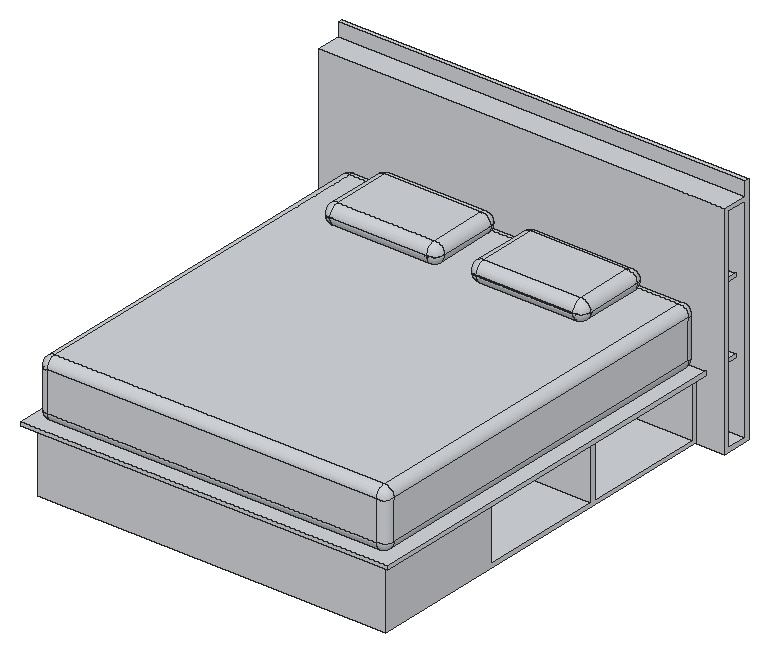
Revit family "DivanStorage", category Furniture, Revit 2022
Family settings
  OmniClass Number = 23.40.20.17.14
  OmniClass Title = Bedroom Furniture, Single Units
  Work Plane-Based = No
  Always vertical = Yes
  Cut with Voids When Loaded = No
  Render Appearance Source = Family Geometry
  Shared = No
  Room Calculation Point = No
Parameters (values of type "bedStorage 180x200")
  width = 1800 mm
  topDivan = 350 mm
  storageDepht = 200 mm
  pillowMaterial = none
  pillowHeight = topDivan + mattressThickness  # 650 mm
  mattressMaterial = none
  mattressThickness = 300 mm
  length = 2000 mm
  headboardWidth = 150 mm
  headBoardHang = 150 mm
  headBoardCap = 70 mm
  divanMaterial = none
  boardThickness = 20 mm
  bedBaseHang = 50 mm
  Default Elevation = 0 mm
Types (4, lengths in mm): name | width | topDivan | pillowHeight | headBoardCap
  (no name) | 1800 | 350 | 650 | 70
  bedStorage 180x200 | 1800 | 350 | 650 | 70
  bedStorage 160x200 | 1600 | 312.04 | 612.04 | 67.79
  bedStorage 120x200 | 1200 | 312.04 | 612.04 | 67.79
Reference planes
  plane 1 "Center (Front/Back)": y = 0
  plane 2: z = 0
  plane 3 "Center (Left/Right)": x = 0
  plane 4: y = -1150
  plane 5: y = -2150
  plane 6: x = -900
  plane 7: x = 900
  plane 8: y = -150
  plane 9: z = 330
  plane 10: z = 310
  plane 11: z = 20
  plane 12: y = -170
  plane 13: y = -816.667
  plane 14: y = -1483.333
  plane 15: y = -826.667
  plane 16: y = -806.667
  plane 17: y = -1473.333
  plane 18: y = -1493.333
  plane 19: x = -300
  plane 20: x = 300
  plane 21 "topHeadboard": z = 1136.629
  plane 22: x = 950
  plane 23: x = -950
  plane 24: y = -2200
  plane 25 "topDivan": z = 350
  plane 26: y = -130
  plane 27: y = -20
  plane 28 "Center L/T": z = 1116.629
  plane 29: x = -1050
  plane 30: x = 1050
  plane 31: z = 392.21
  plane 32: z = 764.419
  plane 33: x = -1000
  plane 34: x = -700
  plane 35: x = 700
  plane 36: x = 1000
  plane 37: x = -880
  plane 38: x = 880
  plane 39: z = 1206.629
  plane 40: x = 680
  plane 41: x = -680
Forms (mm)
  Extrusion 1, solid, material <- "divanMaterial"
    sketch origin (0, 0, 0) x (1, 0, 0) y (0, 1, 0)
      loop
        line (-900, -150) -> (-900, -2150) -> (900, -2150) -> (900, -150) -> (-900, -150)
    from 0 to 330
  Extrusion 2, solid, material <- "divanMaterial"
    sketch origin (0, 0, 0) x (1, 0, 0) y (0, 1, 0)
      loop
        line (-950, -150) -> (-950, -2200) -> (950, -2200) -> (950, -150) -> (-950, -150)
    from 330 to 350
  Extrusion 3, solid, material <- "divanMaterial"
    sketch origin (0, 0, 0) x (0, 1, 0) y (0, 0, 1)
      loop
        line (-20, 1136.629) -> (-150, 1136.629) -> (-150, 0) -> (0, 0) -> (0, 1206.629) -> (-20, 1206.629) -> (-20, 1136.629)
      loop
        line (-20, 1116.629) -> (-130, 1116.629) -> (-130, 20) -> (-20, 20) -> (-20, 1116.629)
    from -1050 to 1050
  Extrusion 4, solid, material <- "divanMaterial"
    sketch origin (0, 91.562, 392.21) x (0, 1, 0) y (-1, 0, 0)
      loop
        line (-111.562, 1000) -> (-221.562, 1000) -> (-221.562, 700) -> (-111.562, 700) -> (-111.562, 1000)
    from 0 to -20
  Extrusion 5, solid, material <- "divanMaterial"
    sketch origin (0, 91.562, 764.419) x (0, 1, 0) y (-1, 0, 0)
      loop
        line (-111.562, 1000) -> (-221.562, 1000) -> (-221.562, 700) -> (-111.562, 700) -> (-111.562, 1000)
    from 0 to -20
  Extrusion 6, solid, material <- "divanMaterial"
    sketch origin (800, 91.562, 764.419) x (0, 1, 0) y (-1, 0, 0)
      loop
        line (-111.562, 100) -> (-221.562, 100) -> (-221.562, -200) -> (-111.562, -200) -> (-111.562, 100)
    from 0 to -20
  Extrusion 7, solid, material <- "divanMaterial"
    sketch origin (600, 91.562, 392.21) x (0, 1, 0) y (-1, 0, 0)
      loop
        line (-111.562, -100) -> (-221.562, -100) -> (-221.562, -400) -> (-111.562, -400) -> (-111.562, -100)
    from 0 to -20
  Extrusion 8, void
    sketch origin (-300, -1524, 559.166) x (0, 0, -1) y (0, -1, 0)
      loop
        line (249.166, -1354) -> (539.166, -1354) -> (539.166, -717.333) -> (249.166, -717.333) -> (249.166, -1354)
    from 0 to 600
  Extrusion 9, void
    sketch origin (-300, -2190.667, 559.166) x (0, 0, -1) y (0, -1, 0)
      loop
        line (249.166, -1364) -> (539.166, -1364) -> (539.166, -717.333) -> (249.166, -717.333) -> (249.166, -1364)
    from 0 to 600
  Extrusion 10, void
    sketch origin (300, -1524, 559.166) x (0, 0, -1) y (0, -1, 0)
      loop
        line (249.166, -697.333) -> (539.166, -697.333) -> (539.166, -50.667) -> (249.166, -50.667) -> (249.166, -697.333)
    from 0 to -600
  Extrusion 11, void
    sketch origin (300, -1524, 559.166) x (0, 0, -1) y (0, -1, 0)
      loop
        line (249.166, -1354) -> (539.166, -1354) -> (539.166, -717.333) -> (249.166, -717.333) -> (249.166, -1354)
    from 0 to -600
Cuts and joins
  Extrusion 8, Extrusion 9, Extrusion 10, Extrusion 11 cuts Extrusion 1
Dimensions and locks
  equal spacing: plane 6, plane 3 "Center (Left/Right)", plane 7
  "width": plane 6 to plane 7
  equal spacing: plane 5, plane 4, plane 8
  "length": plane 5 to plane 8
  "headboardWidth": plane 8 to plane 1 "Center (Front/Back)"
  "boardThickness": plane 9 to plane 10
  "boardThickness": plane 11 to plane 2
  equal spacing: plane 8, plane 13, plane 14, plane 5
  "boardThickness": plane 8 to plane 12
  equal spacing: plane 16, plane 13, plane 15
  "boardThickness": plane 16 to plane 15
  equal spacing: plane 17, plane 14, plane 18
  "boardThickness": plane 17 to plane 18
  equal spacing: plane 7, plane 20, plane 19, plane 6
  "bedBaseHang": plane 6 to plane 23
  "bedBaseHang": plane 22 to plane 7
  "bedBaseHang": plane 5 to plane 24
  "boardThickness": plane 26 to plane 8
  "boardThickness": plane 1 "Center (Front/Back)" to plane 27
  "boardThickness": plane 21 "topHeadboard" to plane 28 "Center L/T"
  "headBoardHang": plane 29 to plane 6
  "headBoardHang": plane 7 to plane 30
  equal spacing: plane 21 "topHeadboard", plane 32, plane 31, plane 11
  equal spacing: plane 29, plane 33, plane 23
  "storageDepht": plane 6 to plane 34
  equal spacing: plane 22, plane 36, plane 30
  "storageDepht": plane 35 to plane 7
  "boardThickness": plane 6 to plane 37
  "boardThickness": plane 38 to plane 7
  "headBoardCap": plane 39 to plane 21 "topHeadboard"
  "boardThickness": plane 40 to plane 35
  "boardThickness": plane 34 to plane 41
  "topDivan": plane 25 "topDivan" to plane 2
  "boardThickness": plane 25 "topDivan" to plane 9
  aligned and locked: level to plane 2
  aligned and locked: Extrusion 1 sketch curve to plane 8
  aligned and locked: plane 6 to Extrusion 1 sketch curve
  aligned and locked: plane 5 to Extrusion 1 sketch curve
  aligned and locked: Extrusion 1 sketch curve to plane 7
  aligned and locked: plane 9 to Extrusion 1
  aligned and locked: plane 23 to Extrusion 2 sketch curve
  aligned and locked: Extrusion 2 sketch curve to plane 22
  aligned and locked: Extrusion 2 sketch curve to plane 24
  aligned and locked: plane 25 "topDivan" to Extrusion 2
  aligned and locked: Extrusion 2 to plane 9
  aligned and locked: Extrusion 2 sketch curve to plane 8
  aligned and locked: plane 21 "topHeadboard" to Extrusion 3 sketch curve
  aligned and locked: Extrusion 3 sketch curve to plane 1 "Center (Front/Back)"
  aligned and locked: Extrusion 3 sketch curve to plane 8
  aligned and locked: plane 2 to Extrusion 3 sketch curve
  aligned and locked: plane 28 "Center L/T" to Extrusion 3 sketch curve
  aligned and locked: plane 27 to Extrusion 3 sketch curve
  aligned and locked: Extrusion 3 sketch curve to plane 11
  aligned and locked: Extrusion 3 sketch curve to plane 26
  aligned and locked: Extrusion 3 to plane 29
  aligned and locked: plane 30 to Extrusion 3
  aligned and locked: Extrusion 4 sketch curve to plane 27
  aligned and locked: plane 26 to Extrusion 4 sketch curve
  aligned and locked: plane 33 to Extrusion 5 sketch curve
  aligned and locked: Extrusion 5 sketch curve to plane 34
  aligned and locked: plane 33 to Extrusion 4 sketch curve
  aligned and locked: Extrusion 4 sketch curve to plane 34
  aligned and locked: Extrusion 6 sketch curve to plane 36
  aligned and locked: plane 35 to Extrusion 6 sketch curve
  aligned and locked: Extrusion 7 sketch curve to plane 36
  aligned and locked: plane 35 to Extrusion 7 sketch curve
  aligned and locked: plane 26 to Extrusion 7 sketch curve
  aligned and locked: Extrusion 7 sketch curve to plane 27
  aligned and locked: plane 26 to Extrusion 6 sketch curve
  aligned and locked: Extrusion 6 sketch curve to plane 27
  aligned and locked: Extrusion 5 sketch curve to plane 27
  aligned and locked: plane 26 to Extrusion 5 sketch curve
  aligned and locked: plane 10 to Extrusion 8 sketch curve
  aligned and locked: Extrusion 8 sketch curve to plane 12
  aligned and locked: Extrusion 8 sketch curve to plane 11
  aligned and locked: plane 16 to Extrusion 8 sketch curve
  aligned and locked: Extrusion 8 to plane 6
  aligned and locked: plane 15 to Extrusion 9 sketch curve
  aligned and locked: Extrusion 9 sketch curve to plane 17
  aligned and locked: Extrusion 9 sketch curve to plane 10
  aligned and locked: plane 11 to Extrusion 9 sketch curve
  aligned and locked: plane 7 to Extrusion 10
  aligned and locked: plane 7 to Extrusion 11
  aligned and locked: plane 12 to Extrusion 11 sketch curve
  aligned and locked: Extrusion 11 sketch curve to plane 16
  aligned and locked: plane 15 to Extrusion 10 sketch curve
  aligned and locked: Extrusion 10 sketch curve to plane 17
  aligned and locked: Extrusion 3 sketch curve to plane 39
  aligned and locked: Extrusion 3 sketch curve to plane 27
  aligned and locked: nested 1 to plane 3 "Center (Left/Right)"
  aligned and locked: nested 1 to plane 4
Automatic sketch dimensions
  Extrusion 3 sketch curve to plane 1 "Center (Front/Back)" = 0 mm
  Extrusion 10 sketch curve to plane 10 = 0 mm
  Extrusion 10 sketch curve to plane 11 = 0 mm
  Extrusion 11 sketch curve to plane 10 = 0 mm
  Extrusion 11 sketch curve to plane 11 = 0 mm
Nested families
  nested 1: "mattress" at (0, -1150, 350), built-in parameter 1001360 <- "topDivan", material <- "mattressMaterial", Height <- "mattressThickness", type "mattress"
    with Width 2000 mm, Length 1800 mm, Height 300 mm, Bevel 50 mm
  nested 2: "mattress" at (375, -400, 650), material <- "pillowMaterial", built-in parameter 1001360 <- "pillowHeight", type "mattress"
    with material none, Width 400 mm, Length 600 mm, Height 101 mm, Bevel 50 mm
  nested 3: "mattress" at (-379.8, -400, 650), material <- "pillowMaterial", built-in parameter 1001360 <- "pillowHeight", type "mattress"
    with material none, Width 400 mm, Length 600 mm, Height 101 mm, Bevel 50 mm
Definition of nested family "mattress"
  Parameters (values of type "mattress")
    material [instance] = none
    Width [instance] = 2000 mm
    Length [instance] = 2000 mm
    Height [instance] = 2000 mm
    Default Elevation = 0 mm
    Bevel [instance] = 200 mm
  Reference planes
    plane 1 "Center (Front/Back)": y = 0
    plane 2: z = 0
    plane 3 "Center (Left/Right)": x = 0
    plane 4: y = 1000
    plane 5: y = -1000
    plane 6: x = -1000
    plane 7: x = 1000
    plane 8: x = -800
    plane 9: x = 800
    plane 10: y = 800
    plane 11: y = -800
    plane 12: z = 200
    plane 13: z = 1000
    plane 14: z = 1800
    plane 15: z = 2000
  Forms (mm)
    Extrusion 1, solid, material <- "material"
      sketch origin (0, 0, 0) x (1, 0, 0) y (0, 1, 0)
        loop
          arc (-800, 1000) -> (-941.421, 941.421) -> (-1000, 800) r 200
          line (-1000, 800) -> (-1000, -800)
          arc (-1000, -800) -> (-941.421, -941.421) -> (-800, -1000) r 200
          line (-800, -1000) -> (800, -1000)
          arc (800, -1000) -> (941.421, -941.421) -> (1000, -800) r 200
          line (1000, -800) -> (1000, 800)
          arc (1000, 800) -> (941.421, 941.421) -> (800, 1000) r 200
          line (800, 1000) -> (-800, 1000)
      from 200 to 1800
    Extrusion 2, solid, material <- "material"
      sketch origin (0, 0, 0) x (1, 0, 0) y (0, 1, 0)
        loop
          line (-800, 800) -> (-800, -800) -> (800, -800) -> (800, 800) -> (-800, 800)
      from 0 to 200
    Extrusion 3, solid, material <- "material"
      sketch origin (0, 0, 0) x (1, 0, 0) y (0, 1, 0)
        loop
          line (-800, 800) -> (-800, -800) -> (800, -800) -> (800, 800) -> (-800, 800)
      from 1800 to 2000
    Extrusion 4, solid, material <- "material"
      sketch origin (0, 0, 0) x (1, 0, 0) y (0, 0, 1)
        loop
          arc (-800, 2000) -> (-941.421, 1941.421) -> (-1000, 1800) r 200
          line (-1000, 1800) -> (-800, 1800) -> (-800, 2000)
        loop
          arc (-1000, 200) -> (-941.421, 58.579) -> (-800, 0) r 200
          line (-800, 0) -> (-800, 200) -> (-1000, 200)
        loop
          line (800, 2000) -> (800, 1800) -> (1000, 1800)
          arc (1000, 1800) -> (941.421, 1941.421) -> (800, 2000) r 200
        loop
          line (1000, 200) -> (800, 200) -> (800, 0)
          arc (800, 0) -> (941.421, 58.579) -> (1000, 200) r 200
      from -800 to 800
    Extrusion 5, solid, material <- "material"
      sketch origin (0, 0, 0) x (0, 1, 0) y (0, 0, 1)
        loop
          arc (1000, 1800) -> (941.421, 1941.421) -> (800, 2000) r 200
          line (800, 2000) -> (800, 1800) -> (1000, 1800)
        loop
          line (-800, 0) -> (-800, 200) -> (-1000, 200)
          arc (-1000, 200) -> (-941.421, 58.579) -> (-800, 0) r 200
        loop
          arc (800, 0) -> (941.421, 58.579) -> (1000, 200) r 200
          line (1000, 200) -> (800, 200) -> (800, 0)
        loop
          line (-1000, 1800) -> (-800, 1800) -> (-800, 2000)
          arc (-800, 2000) -> (-941.421, 1941.421) -> (-1000, 1800) r 200
      from -800 to 800
    Revolve 6, solid, material <- "material"
      sketch origin (-1450.421, -800, 1200) x (-1, 0, 0) y (0, 0, 1)
        loop
          arc (-2250.421, 800) -> (-2391.843, 741.421) -> (-2450.421, 600) r 200
          line (-2450.421, 600) -> (-2250.421, 600) -> (-2250.421, 800)
        axis (-2250.421, 800) -> (-2250.421, 600)
      angle from 0 to 360
    Revolve 7, solid, material <- "material"
      sketch origin (1450.421, -800, 1200) x (1, 0, 0) y (0, 0, -1)
        loop
          line (-2250.421, -800) -> (-2250.421, -600) -> (-2450.421, -600)
          arc (-2450.421, -600) -> (-2391.843, -741.421) -> (-2250.421, -800) r 200
        axis (-2250.421, -800) -> (-2250.421, -600)
      angle from 0 to 360
    Revolve 8, solid, material <- "material"
      sketch origin (-1450.421, -800, 810.852) x (-1, 0, 0) y (0, 0, 1)
        loop
          line (-2250.421, -810.852) -> (-2250.421, -610.852) -> (-2450.421, -610.852)
          arc (-2450.421, -610.852) -> (-2391.843, -752.274) -> (-2250.421, -810.852) r 200
        axis (-2250.421, -810.852) -> (-2250.421, -610.852)
      angle from 0 to 360
    Revolve 9, solid, material <- "material"
      sketch origin (1450.421, -800, 810.852) x (1, 0, 0) y (0, 0, -1)
        loop
          arc (-2250.421, 810.852) -> (-2391.843, 752.274) -> (-2450.421, 610.852) r 200
          line (-2450.421, 610.852) -> (-2250.421, 610.852) -> (-2250.421, 810.852)
        axis (-2250.421, 810.852) -> (-2250.421, 610.852)
      angle from 0 to 360
    Revolve 10, solid, material <- "material"
      sketch origin (-1450.421, 800, 1200) x (-1, 0, 0) y (0, 0, 1)
        loop
          arc (-2250.421, 800) -> (-2391.843, 741.421) -> (-2450.421, 600) r 200
          line (-2450.421, 600) -> (-2250.421, 600) -> (-2250.421, 800)
        axis (-2250.421, 800) -> (-2250.421, 600)
      angle from 0 to 360
    Revolve 11, solid, material <- "material"
      sketch origin (-1450.421, 800, 1200) x (-1, 0, 0) y (0, 0, 1)
        loop
          line (-650.421, 800) -> (-650.421, 600) -> (-450.421, 600)
          arc (-450.421, 600) -> (-509, 741.421) -> (-650.421, 800) r 200
        axis (-650.421, 800) -> (-650.421, 600)
      angle from 0 to 360
    Revolve 12, solid, material <- "material"
      sketch origin (-1450.421, 800, 1200) x (-1, 0, 0) y (0, 0, 1)
        loop
          line (-2250.421, -1200) -> (-2250.421, -1000) -> (-2450.421, -1000)
          arc (-2450.421, -1000) -> (-2391.843, -1141.421) -> (-2250.421, -1200) r 200
        axis (-2250.421, -1200) -> (-2250.421, -1000)
      angle from 0 to 360
    Revolve 13, solid, material <- "material"
      sketch origin (-1450.421, 800, 1200) x (-1, 0, 0) y (0, 0, 1)
        loop
          arc (-650.421, -1200) -> (-509, -1141.421) -> (-450.421, -1000) r 200
          line (-450.421, -1000) -> (-650.421, -1000) -> (-650.421, -1200)
        axis (-650.421, -1200) -> (-650.421, -1000)
      angle from 0 to 360
  Cuts and joins
    joined: Extrusion 1, Extrusion 2, Extrusion 3, Extrusion 4, Extrusion 5, Revolve 6, Revolve 7, Revolve 8, Revolve 9, Revolve 10, Revolve 11, Revolve 12, Revolve 13
  Dimensions and locks
    equal spacing: plane 4, plane 1 "Center (Front/Back)", plane 5
    "Width": plane 4 to plane 5
    equal spacing: plane 6, plane 3 "Center (Left/Right)", plane 7
    "Length": plane 6 to plane 7
    equal spacing: plane 15, plane 13, plane 2
    "Height": plane 15 to plane 2
    "Bevel": plane 12 to plane 2
    "Bevel": plane 15 to plane 14
    "Bevel": plane 6 to plane 8
    "Bevel": plane 9 to plane 7
    "Bevel": plane 11 to plane 5
    "Bevel": plane 4 to plane 10
    "Bevel": radius of Extrusion 1 sketch curve  (x4)
    "Bevel": radius of Extrusion 4 sketch curve  (x4)
    "Bevel": radius of Extrusion 5 sketch curve  (x4)
    "Bevel": radius of Revolve 6 sketch curve
    "Bevel": radius of Revolve 7 sketch curve
    "Bevel": radius of Revolve 8 sketch curve
    "Bevel": radius of Revolve 9 sketch curve
    "Bevel": radius of Revolve 10 sketch curve
    "Bevel": radius of Revolve 11 sketch curve
    "Bevel": radius of Revolve 12 sketch curve
    "Bevel": radius of Revolve 13 sketch curve
    aligned and locked: level to plane 2
    aligned and locked: Extrusion 1 sketch curve to plane 4
    aligned and locked: plane 6 to Extrusion 1 sketch curve
    aligned and locked: plane 5 to Extrusion 1 sketch curve
    aligned and locked: Extrusion 1 sketch curve to plane 7
    aligned and locked: plane 14 to Extrusion 1
    aligned and locked: Extrusion 1 to plane 12
    aligned and locked: Extrusion 2 sketch curve to plane 10
    aligned and locked: plane 8 to Extrusion 2 sketch curve
    aligned and locked: plane 11 to Extrusion 2 sketch curve
    aligned and locked: Extrusion 2 sketch curve to plane 9
    aligned and locked: Extrusion 2 to plane 2
    aligned and locked: plane 12 to Extrusion 2
    aligned and locked: Extrusion 3 sketch curve to plane 9
    aligned and locked: Extrusion 3 sketch curve to plane 10
    aligned and locked: plane 8 to Extrusion 3 sketch curve
    aligned and locked: plane 11 to Extrusion 3 sketch curve
    aligned and locked: Extrusion 3 to plane 14
    aligned and locked: plane 15 to Extrusion 3
    aligned and locked: Extrusion 4 sketch curve to plane 8
    aligned and locked: Extrusion 4 sketch curve to plane 14
    aligned and locked: Extrusion 4 sketch curve to plane 12
    aligned and locked: Extrusion 4 sketch curve to plane 9
    aligned and locked: plane 10 to Extrusion 4
    aligned and locked: Extrusion 4 to plane 11
    aligned and locked: plane 14 to Extrusion 5 sketch curve
    aligned and locked: plane 11 to Extrusion 5 sketch curve
    aligned and locked: plane 10 to Extrusion 5 sketch curve
    aligned and locked: plane 12 to Extrusion 5 sketch curve
    aligned and locked: Extrusion 5 to plane 8
    aligned and locked: plane 9 to Extrusion 5
    aligned and locked: Revolve 6 sketch curve to plane 9
    aligned and locked: Revolve 6 sketch curve to plane 14
    aligned and locked: Revolve 6 sketch curve to Revolve 6 sketch curve
    aligned and locked: Revolve 8 sketch curve to Revolve 8 sketch curve
    aligned and locked: Revolve 9 sketch curve to Revolve 9 sketch curve
    aligned and locked: Revolve 10 sketch curve to Revolve 10 sketch curve
    aligned and locked: Revolve 11 sketch curve to Revolve 11 sketch curve
    aligned and locked: Revolve 12 sketch curve to Revolve 12 sketch curve
    aligned and locked: Revolve 13 sketch curve to Revolve 13 sketch curve
    aligned and locked: Revolve 7 sketch curve to plane 8
    aligned and locked: Revolve 7 sketch curve to Revolve 7 sketch curve
    aligned and locked: plane 14 to Revolve 7 sketch curve
    aligned and locked: plane 8 to Revolve 9 sketch curve
    aligned and locked: plane 12 to Revolve 9 sketch curve
    aligned and locked: plane 9 to Revolve 8 sketch curve
    aligned and locked: Revolve 8 sketch curve to plane 12
    aligned and locked: Revolve 10 sketch curve to plane 9
    aligned and locked: Revolve 10 sketch curve to plane 14
    aligned and locked: plane 9 to Revolve 12 sketch curve
    aligned and locked: Revolve 12 sketch curve to plane 12
    aligned and locked: plane 8 to Revolve 13 sketch curve
    aligned and locked: plane 12 to Revolve 13 sketch curve
    aligned and locked: Revolve 11 sketch curve to plane 8
    aligned and locked: plane 14 to Revolve 11 sketch curve
  Automatic sketch dimensions
    Extrusion 4 sketch curve to plane 6 = 0 mm
    Extrusion 4 sketch curve to level = 0 mm
    Extrusion 4 sketch curve to plane 9 = 0 mm
    Extrusion 4 sketch curve to plane 14 = 0 mm
    Extrusion 5 sketch curve to plane 5 = 0 mm
    Extrusion 5 sketch curve to plane 10 = 0 mm
    Extrusion 5 sketch curve to level = 0 mm
    Extrusion 5 sketch curve to plane 14 = 0 mm
    Revolve 6 sketch curve to plane 14 = 45.397 mm
    Revolve 6 sketch curve to Revolve 6 sketch curve = 40 mm
    Revolve 7 sketch curve to Revolve 7 sketch curve = 40 mm
    Revolve 7 sketch curve to plane 14 = 45.397 mm
    Revolve 8 sketch curve to level = 40 mm
    Revolve 8 sketch curve to Revolve 8 sketch curve = 45.397 mm
    Revolve 9 sketch curve to Revolve 9 sketch curve = 45.397 mm
    Revolve 9 sketch curve to level = 40 mm
    Revolve 10 sketch curve to plane 14 = 45.397 mm
    Revolve 10 sketch curve to Revolve 10 sketch curve = 40 mm
    Revolve 11 sketch curve to plane 14 = 45.397 mm
    Revolve 11 sketch curve to Revolve 11 sketch curve = 40 mm
    Revolve 12 sketch curve to level = 40 mm
    Revolve 12 sketch curve to Revolve 12 sketch curve = 45.397 mm
    Revolve 13 sketch curve to level = 40 mm
    Revolve 13 sketch curve to Revolve 13 sketch curve = 45.397 mm
